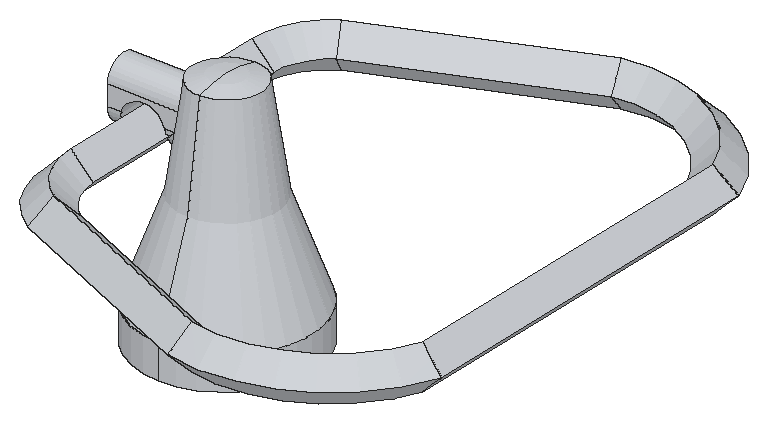
Revit family "BL-2504-11 TOALLERO ARO CONTEMPRA", category Plumbing Fixtures, host Face, Revit 2018
Family settings
  Host = Face
  Round Connector Dimension = Use Diameter
  Part Type = Normal
  OmniClass Number = 23.31.11.00
  Cut with Voids When Loaded = No
  Shared = No
  Room Calculation Point = No
Parameters (values of type "BL-2504-11")
  Waste Water Outlet = ""
  Plastico ABS cromado = Plastico - ABS Cromado
  Link Ficha Tecnica = "http://infotecnica.gricol.com/FT_BL250411.pdf"
  Waste Connection = 1 = 0  # no
  Vent Connection = 1 = 0  # no
  URL = "https://www.gricol.com/"
  Type Image = TOALLERO ARO CONTEMPRA.jpg
  Product Name = "TOALLERO ARO CONTEMPRA"  # constant formula
  Ancho gancho = 173.0 mm
  Alto gancho = 133.0 mm
  Alto soporte = 70.0 mm
  Diametro base = 50.0 mm
  Model = "BL-2504-11"  # constant formula
  Manufacturer = "Gricol"  # constant formula
  HW Connection = 1 = 1  # yes
  Description = "Toallero"  # constant formula
  Default Elevation = 0.0 mm
  Date Modified = ""
  Date Created = "05/28/2020"  # constant formula
  Copyright = "All rights reserved © Gricol - 2020."  # constant formula
  CW Connection = 1 = 1  # yes
  Assembly Code = ""
Reference planes
  plane 1 "Center (Front/Back)": y = 0
  plane 2: z = 0
  plane 3 "Center (Left/Right)": x = 0
  plane 4: x = -26.157
  plane 5: x = 106.843
  plane 6: y = 25
  plane 7: y = -25
  plane 8: z = 70
  plane 9: y = -86.5
  plane 10: y = 86.5
Dimensions and locks
  "Diametro base": plane 7 to plane 6
  "Alto soporte": plane 8 to level
  plane 8 to level = 70.0 mm
  "Ancho gancho": plane 9 to plane 10
  "Alto gancho": plane 4 to plane 5
  aligned and locked: plane 2 to host face
  aligned and locked: level to host face
Automatic sketch dimensions
  host sketch curve to host sketch curve = 278.861 mm
  host sketch curve to host sketch curve = 232.676 mm
Nested families
  nested 1: "TOALLERO ARO CONTEMPRA" at (0, 0, 0) x (0, 1, 0) z (0, 0, 1), type "TOALLERO ARO CONTEMPRA"
Definition of nested family "TOALLERO ARO CONTEMPRA"
  Parameters (values of type "TOALLERO ARO CONTEMPRA")
    Vaso Portacepillos = none
    Brazo Portacepillos = none
    Alto vaso = 95.0 mm
    Alto soporte = 70.0 mm
  Reference planes
    plane 1 "Center (Front/Back)": y = 0
    plane 2: z = 0
    plane 3 "Center (Left/Right)": x = 0
    plane 4: z = 70
    plane 5: x = -86.5
    plane 6: x = 86.5
    plane 7: y = -106.843
    plane 8: y = 26.157
    plane 9: x = -33.129
    plane 10: x = 33.129
  Forms (mm)
    Extrusion 1, solid
      sketch origin (-121.749, 0, 64.151) x (-1, 0, 0) y (0, -1, 0)
        loop
          circle (-121.749, 0) r 25
      from -64.151 to -54.151
    Revolve 2, solid
      sketch origin (-1300, 0, 0) x (1, 0, 0) y (0, 0, 1)
        loop
          line (1300, 70.003) -> (1300, 10) -> (1325, 10)
          arc (1325, 10) -> (1314.548, 38.421) -> (1310.077, 68.371) r 148.541
          arc (1310.077, 68.371) -> (1305.105, 69.598) -> (1300, 70.003) r 31.46
        axis (1300, 10) -> (1300, 70.003)
      angle from 0 to 360
    Extrusion 3, solid
      sketch origin (2.085, 0, 0.625) x (1, 0, 0) y (0, 0, 1)
        loop
          line (3.729, 52.352) -> (3.729, 58.218)
          arc (3.729, 58.218) -> (-2.085, 64.032) -> (-7.9, 58.218) r 5.814
          line (-7.9, 58.218) -> (-7.9, 52.352)
          arc (-7.9, 52.352) -> (-2.085, 46.537) -> (3.729, 52.352) r 5.814
      from 0 to -30.376
    Extrusion 4, void
      sketch origin (0, 1300, 0) x (0, -1, 0) y (0, 0, 1)
        loop
          arc (1286.646, 50.916) -> (1279.966, 57.596) -> (1273.285, 50.916) r 6.68
          line (1273.285, 50.916) -> (1273.285, 45) -> (1286.646, 45) -> (1286.646, 50.916)
      from -14.326 to 8.68
    Sweep 5, solid
      path origin (0, 121.749, 64.151) x (0, 1, 0) y (-1, 0, 0)
        loop
          arc (-103.609, 33.129) -> (-106.271, 43.587) -> (-113.609, 51.5) r 21.875
          line (-113.609, 51.5) -> (-174.616, 77.618)
          arc (-174.616, 77.618) -> (-201.873, 73.43) -> (-220.366, 52.972) r 41.151
          line (-220.366, 52.972) -> (-220.366, -52.972)
          arc (-220.366, -52.972) -> (-201.873, -73.43) -> (-174.616, -77.618) r 41.151
          line (-174.616, -77.618) -> (-113.609, -51.5)
          arc (-113.609, -51.5) -> (-106.271, -43.587) -> (-103.609, -33.129) r 21.875
          line (-103.609, -33.129) -> (-103.609, 33.129)
      profile origin (0, 18.14, 64.151) x (0, 1, 0) y (0, 0, 1)
        loop
          line (-5.347, -13.15) -> (1.225, -19.721) -> (7.797, -13.15) -> (1.225, -6.578) -> (-5.347, -13.15)
  Cuts and joins
    Extrusion 4 cuts Extrusion 3
    joined: Revolve 2, Extrusion 3
  Dimensions and locks
    "Alto soporte": level to plane 4
    plane 4 to level = 70.0 mm
    locked: plane 5 to plane 6 at 173
    plane 3 "Center (Left/Right)" to plane 6 = 86.5 mm
    plane 8 to plane 7 = 133.0 mm
    equal spacing: plane 9, plane 3 "Center (Left/Right)", plane 10
    aligned and locked: level to plane 2
  Automatic sketch dimensions
    Revolve 2 sketch curve to plane 3 "Center (Left/Right)" = 0.0 mm  (x2)
    plane 3 "Center (Left/Right)" to Revolve 2 sketch curve = 0.077 mm
    level to Revolve 2 sketch curve = 10.0 mm
    plane 3 "Center (Left/Right)" to Revolve 2 sketch curve = 25.0 mm
    Revolve 2 sketch curve to plane 4 = 5.212 mm
    Revolve 2 sketch curve to Revolve 2 sketch curve = 133.461 mm
    Revolve 2 sketch curve to Revolve 2 sketch curve = 28.542 mm
    Revolve 2 sketch curve to plane 4 = 0.003 mm
    Revolve 2 sketch curve to Revolve 2 sketch curve = 1.459 mm
    Revolve 2 sketch curve to Revolve 2 sketch curve = 9.999 mm
    plane 1 "Center (Front/Back)" to Extrusion 1 sketch curve = 0.0 mm
    Extrusion 1 sketch curve to plane 3 "Center (Left/Right)" = 0.0 mm
    Extrusion 3 sketch curve to plane 3 "Center (Left/Right)" = 0.0 mm
    Extrusion 3 sketch curve to plane 3 "Center (Left/Right)" = 5.814 mm
    plane 4 to Extrusion 3 sketch curve = 17.023 mm
    Extrusion 3 sketch curve to Extrusion 3 sketch curve = 5.866 mm
    Extrusion 4 sketch curve to plane 1 "Center (Front/Back)" = 26.715 mm
    Extrusion 4 sketch curve to Extrusion 4 sketch curve = 6.68 mm
    plane 4 to Extrusion 4 sketch curve = 25.0 mm
    Extrusion 4 sketch curve to Extrusion 4 sketch curve = 5.916 mm
    Sweep 5 sketch curve to plane 10 = 0.0 mm
    Sweep 5 sketch curve to plane 9 = 0.0 mm
    plane 7 to Sweep 5 sketch curve = 8.226 mm
    Sweep 5 sketch curve to plane 9 = 4.073 mm
    Sweep 5 sketch curve to Sweep 5 sketch curve = 38.009 mm  (x2)
    plane 10 to Sweep 5 sketch curve = 4.073 mm
    Sweep 5 sketch curve to plane 6 = 8.882 mm
    Sweep 5 sketch curve to Sweep 5 sketch curve = 7.741 mm  (x2)
    plane 5 to Sweep 5 sketch curve = 8.882 mm
    plane 1 "Center (Front/Back)" to Sweep 5 sketch curve = 3.736 mm  (x2)
    Sweep 5 sketch curve to plane 1 "Center (Front/Back)" = 8.14 mm  (x2)
    Sweep 5 sketch curve to plane 8 = 8.017 mm
    radius of Extrusion 1 sketch curve = 25.0 mm
